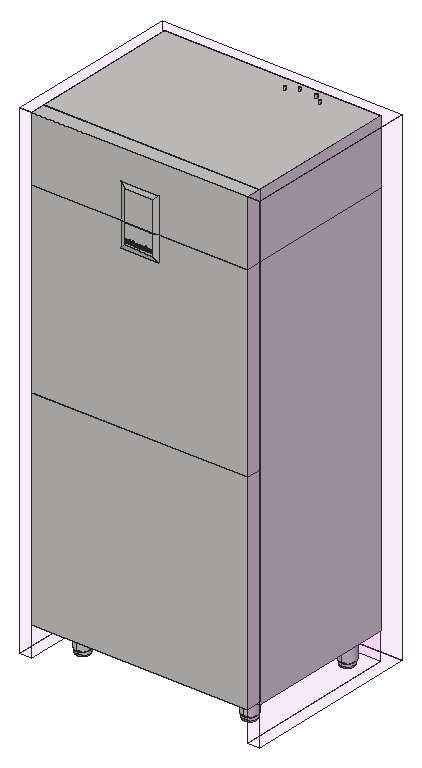
Revit family "QF_ELECTROLUXPROFESSIONAL_691375_PS06RF2FR", category Specialty Equipment, Revit 2018
Family settings
  Round Connector Dimension = Use Diameter
  Part Type = Normal
  Work Plane-Based = No
  Always vertical = Yes
  Cut with Voids When Loaded = No
  Shared = No
  Room Calculation Point = No
Parameters (values of type "Standard")
  Weight = 26.3355 lbm
  Watts = 0 W
  Volts = 220 V
  URL Manufacturer = "http://professional.electrolux.com"
  URL = "http://professional.electrolux.com"
  Steam Supply Size = 0"
  Steam Supply Minimum Pressure = 0.00 psi
  Steam Supply Maximum Pressure = 0.00 psi
  Steam Pounds per Hour = 0
  Show Clearance [instance] = yes
  Refrigeration Suction Line Size = 0.03117"
  Refrigeration Liquid Line Size = 0.01969"
  Refrigerant Compressor Remote = yes
  Phase = 1
  Model = "PS06RF2FR"
  Manufacturer = "Electrolux Professional"
  Length Actual = 900 mm  # constant formula
  Item Number = "691375"
  Hot Water Size = 0"
  Height Actual = 2040 mm  # constant formula
  HP = "0.4 HP"
  Gas Size = 0"
  Gas KW = 0
  Gas Input Pressure = 0.0 Btu/h
  Direct Waste Size = 0"
  Description = "2-DOOR DUAL REFRIGERATOR 720L 0/-22°,PROSTORE-REM"
  Depth Actual = 741 mm  # constant formula
  Cycle = 60 Hz
  Condensate Return Size = 0"
  Compressed Air Volume = 0 GPM
  Compressed Air Size = 0"
  Compressed Air Pressure = 0.00 psi
  Cold Water Size = 0"
  Accessory = yes
Types (2, lengths in mm): name | URL | Phase | Model | Manufacturer | Description
  (no name) | "http://professional.electrolux.com/" | 0 | "RBC201" | "Electrolux" | "BLAST CHILLER 56 KG 20 GN1/1"
  Standard | "http://professional.electrolux.com" | 1 | "PS06RF2FR" | "Electrolux Professional" | "2-DOOR DUAL REFRIGERATOR 720L 0/-22°,PROSTORE-REM"
Values of the unnamed type that differ from the named types
  Volts = 380 V
  URL Manufacturer = "http://professional.electrolux.com/"
  Item Number = "726624"
  Cycle = 50 Hz
Reference planes
  plane 1 "BACK": y = 0
  plane 2: z = 0
  plane 3 "LEFT": x = 0
  plane 4 "RIGHT": x = 900
  plane 5 "FRONT": y = -700
  plane 6 "TOP": z = 2040
  plane 7 "Center Y": x = 450
  plane 8 "Center X": y = -350
  plane 9: x = 102
  plane 10: x = 798
  plane 11: z = 115
  plane 12: z = 86
  plane 13: y = -80
  plane 14: y = -694
  plane 15: y = -1527
  plane 16: y = -630
  plane 17: z = 1770
  plane 18: x = -50
  plane 19: y = 50
  plane 20: x = 950
Forms (mm)
  Extrusion 1, solid, material "QF_Metal - Stainless - Polished"
    sketch origin (0, 0, 0) x (1, 0, 0) y (0, 0, 1)
      loop
        line (0, 2040) -> (0, 1770) -> (900, 1770) -> (900, 2040) -> (0, 2040)
    from 0 to 630
  Extrusion 2, solid, material "QF_Metal - Stainless - Polished"
    sketch origin (0, 0, 0) x (1, 0, 0) y (0, 0, 1)
      loop
        line (0, 1770) -> (0, 115) -> (900, 115) -> (900, 1770) -> (0, 1770)
    from 0 to 630
  Extrusion 3, solid, material "QF_Metal - Stainless - Polished"
    sketch origin (-370, 0, -128) x (1, 0, 0) y (0, 0, 1)
      loop
        circle (450, 1847.083) r 20
    from -7.507 to 0
  Extrusion 4, solid, material "QF_Door-Drawer Clearances", visible <- "Show Clearance", detail levels coarse
    sketch origin (0, 0, 0) x (1, 0, 0) y (0, 1, 0)
      loop
        line (900, -694) -> (0, -694)
        arc (0, -694) -> (275.209, -1299.35) -> (900, -1527) r 859.201
        line (900, -1527) -> (900, -694)
    from 127.536 to 995.399
  Extrusion 5, solid, material "QF_Metal - Stainless - Polished"
    sketch origin (0, 130.478, 0) x (1, 0, 0) y (0, 0, 1)
      loop
        line (0, 2040) -> (0, 1770) -> (900, 1770) -> (900, 2040) -> (0, 2040)
    from 760.478 to 824.478
  Revolve 6, solid, material "QF_Metal - Stainless - Polished"
    sketch origin (798, -2.833, 0) x (0, 1, 0) y (0, 0, -1)
      loop
        line (-590.954, -115) -> (-553.167, -115) -> (-553.167, 0) -> (-578.757, 0)
        arc (-578.757, 0) -> (-580.973, -2.655) -> (-581.767, -6.021) r 7.527
        line (-581.767, -6.021) -> (-581.767, -17.561) -> (-585.28, -21.074) -> (-585.28, -110.008) -> (-590.954, -110.008) -> (-590.954, -115)
      axis (-553.167, 0) -> (-553.167, -115)
    angle from 0 to 360
  Revolve 7, solid, material "QF_Metal - Stainless - Polished"
    sketch origin (102, -2.833, 0) x (0, 1, 0) y (0, 0, 1)
      loop
        line (-590.954, 115) -> (-590.954, 110.008) -> (-585.28, 110.008) -> (-585.28, 21.074) -> (-581.767, 17.561) -> (-581.767, 6.021)
        arc (-581.767, 6.021) -> (-580.973, 2.655) -> (-578.757, 0) r 7.527
        line (-578.757, 0) -> (-553.167, 0) -> (-553.167, 115) -> (-590.954, 115)
      axis (-553.167, 0) -> (-553.167, 115)
    angle from 0 to 360
  Revolve 8, solid, material "QF_Metal - Stainless - Polished"
    sketch origin (824, -759.167, 0) x (0, -1, 0) y (0, 0, 1)
      loop
        line (-716.954, 115) -> (-716.954, 110.008) -> (-711.28, 110.008) -> (-711.28, 21.074) -> (-707.767, 17.561) -> (-707.767, 6.021)
        arc (-707.767, 6.021) -> (-706.973, 2.655) -> (-704.757, 0) r 7.527
        line (-704.757, 0) -> (-679.167, 0) -> (-679.167, 115) -> (-716.954, 115)
      axis (-679.167, 0) -> (-679.167, 115)
    angle from 0 to 360
  Revolve 9, solid, material "QF_Metal - Stainless - Polished"
    sketch origin (76, -759.167, 0) x (0, -1, 0) y (0, 0, 1)
      loop
        line (-716.954, 115) -> (-716.954, 110.008) -> (-711.28, 110.008) -> (-711.28, 21.074) -> (-707.767, 17.561) -> (-707.767, 6.021)
        arc (-707.767, 6.021) -> (-706.973, 2.655) -> (-704.757, 0) r 7.527
        line (-704.757, 0) -> (-679.167, 0) -> (-679.167, 115) -> (-716.954, 115)
      axis (-679.167, 0) -> (-679.167, 115)
    angle from 0 to 360
  Blend 10, solid, material "QF_Metal - Stainless - Polished"
    base sketch origin (0, -694, 0) x (1, 0, 0) y (0, 0, 1)
      loop
        line (370, 1914.822) -> (370, 1664.822) -> (530, 1664.822) -> (530, 1914.822) -> (370, 1914.822)
    top sketch origin (0, -694, 0) x (1, 0, 0) y (0, 0, 1)
      loop
        line (510, 1894.822) -> (390, 1894.822) -> (390, 1684.822) -> (510, 1684.822) -> (510, 1894.822)
    from 0 to 6
  Extrusion 11, void
    sketch origin (0, -700, 0) x (-1, 0, 0) y (0, 0, 1)
      loop
        line (-370, 1770.997) -> (-530, 1770.997) -> (-530, 1769.003) -> (-370, 1769.003) -> (-370, 1770.997)
    from 0 to 6
  Extrusion 12, solid, material "QF_Door-Drawer Clearances"
    sketch origin (0, 0, 0) x (1, 0, 0) y (0, 1, 0)
      loop
        line (0, -694) -> (0, 0) -> (900, 0) -> (900, -694) -> (950, -694) -> (950, 50) -> (-50, 50) -> (-50, -694) -> (0, -694)
    from 0 to 2040
  Extrusion 13, solid, material "QF_Metal - Stainless - Polished"
    sketch origin (0, 140, 0) x (1, 0, 0) y (0, 0, 1)
      loop
        line (0, 1770) -> (0, 995.399) -> (900, 995.399) -> (900, 1770) -> (0, 1770)
    from 834 to 770
  Extrusion 14, solid, material "QF_Metal - Stainless - Polished"
    sketch origin (0, 140, 0) x (1, 0, 0) y (0, 0, 1)
      loop
        line (0, 995.399) -> (0, 127.536) -> (900, 127.536) -> (900, 995.399) -> (0, 995.399)
    from 834 to 770
  Extrusion 15, solid, material "QF_Door-Drawer Clearances", visible <- "Show Clearance", detail levels coarse
    sketch origin (0, 0, 0) x (1, 0, 0) y (0, 1, 0)
      loop
        line (900, -694) -> (0, -694)
        arc (0, -694) -> (275.209, -1299.35) -> (900, -1527) r 859.201
        line (900, -1527) -> (900, -694)
    from 995.399 to 1770
  Extrusion 16, solid, material "QF_Metal - Stainless - Polished"
    sketch origin (267.872, 29.847, 2040) x (1, 0, 0) y (0, 1, 0)
      loop
        circle (425.128, -89.847) r 4
    from 0 to 10
  Extrusion 17, solid, material "QF_Metal - Stainless - Polished"
    sketch origin (233.872, 53.847, 2040) x (1, 0, 0) y (0, 1, 0)
      loop
        circle (425.128, -89.847) r 4
    from 0 to 10
  Extrusion 18, solid, material "QF_Metal - Stainless - Polished"
    sketch origin (163.872, 53.847, 2040) x (1, 0, 0) y (0, 1, 0)
      loop
        circle (425.128, -89.847) r 4
    from 0 to 10
  Extrusion 19, solid, material "QF_Metal - Stainless - Polished"
    sketch origin (120.872, 29.847, 2040) x (1, 0, 0) y (0, 1, 0)
      loop
        circle (425.128, -89.847) r 4
    from 0 to 10
Cuts and joins
  Extrusion 11 cuts Extrusion 1
  Extrusion 11 cuts Extrusion 2
  Extrusion 11 cuts Extrusion 5
  Extrusion 11 cuts Blend 10
Lines and regions (mm)
  Split face 1
    outline origin (0, -700, 0) x (1, 0, 0) y (0, 0, 1)
      loop
        line (415, 1894.822) -> (415, 1742.499) -> (485, 1742.499) -> (485, 1894.822)
  symbolic lines
    curve 1: line (0, 0, 0) -> (900, 0, 0)
    curve 2: line (0, -694, 0) -> (0, 0, 0)
    curve 3: line (900, -694, 0) -> (0, -694, 0)
    curve 4: line (900, 0, 0) -> (900, -694, 0)
    curve 5: line (0, -630, 0) -> (900, -630, 0)
    curve 6: line (370, -694, 0) -> (390, -700, 0)
    curve 7: line (390, -700, 0) -> (510, -700, 0)
    curve 8: line (510, -700, 0) -> (530, -694, 0)
  symbolic lines, style "QF_Door-Drawer Clearances"
    curve 9: arc (0, -694, 0) -> (275.209, -1299.35, 0) -> (900, -1527, 0) r 859.201
    curve 10: line (900, -1527, 0) -> (900, -694, 0)
    curve 11: line (0, -694, 0) -> (-50, -694, 0)
    curve 12: line (-50, -694, 0) -> (-50, 50, 0)
    curve 13: line (-50, 50, 0) -> (950, 50, 0)
    curve 14: line (950, 50, 0) -> (950, -694, 0)
    curve 15: line (950, -694, 0) -> (900, -694, 0)
Dimensions and locks
  equal spacing: plane 3 "LEFT", plane 7 "Center Y", plane 4 "RIGHT"
  plane 3 "LEFT" to plane 4 "RIGHT" = 900 mm
  equal spacing: plane 5 "FRONT", plane 8 "Center X", plane 1 "BACK"
  plane 5 "FRONT" to plane 1 "BACK" = 700 mm
  plane 6 "TOP" to level = 2040 mm
  plane 9 to plane 3 "LEFT" = 102 mm
  plane 10 to plane 4 "RIGHT" = 102 mm
  plane 10 to plane 9 = 696 mm
  plane 11 to level = 115 mm
  plane 12 to plane 11 = 29 mm
  plane 1 "BACK" to plane 13 = 80 mm
  plane 15 to plane 1 "BACK" = 1527 mm
  plane 3 "LEFT" to Extrusion 4 = 900 mm
  plane 11 to plane 2 = 115 mm
  plane 1 "BACK" to plane 16 = 630 mm
  plane 18 to plane 3 "LEFT" = 50 mm
  plane 4 "RIGHT" to plane 20 = 50 mm
  plane 1 "BACK" to plane 19 = 50 mm
  aligned and locked: level to plane 2
  aligned and locked: Extrusion 5 to plane 4 "RIGHT"
  aligned and locked: Extrusion 5 to plane 3 "LEFT"
  aligned and locked: plane 5 "FRONT" to Blend 10
Automatic sketch dimensions
  curve 13 to plane 18 = 0 mm
  curve 3 to plane 3 "LEFT" = 0 mm
  plane 14 to curve 6 = 0 mm
  plane 5 "FRONT" to curve 7 = 0 mm
  curve 9 to plane 4 "RIGHT" = 0 mm
  curve 5 to plane 4 "RIGHT" = 0 mm
  curve 14 to plane 20 = 0 mm
  curve 10 to plane 15 = 0 mm
  curve 5 to plane 16 = 0 mm
  plane 1 "BACK" to curve 4 = 0 mm
  curve 13 to plane 19 = 0 mm
  curve 7 to plane 7 "Center Y" = 60 mm
  plane 7 "Center Y" to curve 8 = 60 mm
  curve 9 to plane 14 = 25.214 mm
  curve 6 to curve 6 = 20 mm
  curve 7 to curve 8 = 20 mm
  Extrusion 1 sketch curve to plane 3 "LEFT" = 0 mm
  plane 4 "RIGHT" to Extrusion 1 sketch curve = 0 mm
  Extrusion 1 sketch curve to plane 17 = 0 mm
  Extrusion 1 sketch curve to plane 6 "TOP" = 0 mm
  Extrusion 2 sketch curve to plane 3 "LEFT" = 0 mm
  plane 4 "RIGHT" to Extrusion 2 sketch curve = 0 mm
  Extrusion 2 sketch curve to plane 11 = 0 mm
  Extrusion 2 sketch curve to plane 17 = 0 mm
  Extrusion 3 sketch curve to plane 9 = 22 mm
  Extrusion 3 sketch curve to plane 17 = 50.917 mm
  Extrusion 4 sketch curve to plane 3 "LEFT" = 0 mm
  Extrusion 4 sketch curve to plane 4 "RIGHT" = 0 mm
  Extrusion 4 sketch curve to plane 15 = 0 mm
  plane 14 to Extrusion 4 sketch curve = 0 mm
  Extrusion 4 sketch curve to plane 14 = 25.214 mm
  Extrusion 5 sketch curve to plane 3 "LEFT" = 0 mm
  plane 4 "RIGHT" to Extrusion 5 sketch curve = 0 mm
  Extrusion 5 sketch curve to plane 17 = 0 mm
  Extrusion 5 sketch curve to plane 6 "TOP" = 0 mm
  plane 11 to Revolve 6 sketch curve = 0 mm
  Revolve 6 sketch curve to level = 0 mm
  plane 16 to Revolve 6 sketch curve = 36.213 mm
  Revolve 6 sketch curve to Revolve 6 sketch curve = 5.674 mm
  Revolve 6 sketch curve to Revolve 6 sketch curve = 3.513 mm  (x2)
  Revolve 6 sketch curve to Revolve 6 sketch curve = 3.01 mm
  level to Revolve 6 sketch curve = 6.021 mm
  Revolve 6 sketch curve to Revolve 6 sketch curve = 21.073 mm
  Revolve 6 sketch curve to plane 11 = 4.992 mm  (x2)
  Revolve 6 sketch curve to Revolve 6 sketch curve = 15.053 mm
  Revolve 6 sketch curve to Revolve 6 sketch curve = 0 mm
  Revolve 6 sketch curve to Revolve 6 sketch curve = 20.008 mm
  Revolve 7 sketch curve to plane 11 = 0 mm
  Revolve 7 sketch curve to level = 0 mm
  plane 16 to Revolve 7 sketch curve = 36.213 mm
  Revolve 7 sketch curve to Revolve 7 sketch curve = 5.674 mm
  Revolve 7 sketch curve to Revolve 7 sketch curve = 3.513 mm  (x2)
  Revolve 7 sketch curve to Revolve 7 sketch curve = 3.01 mm
  level to Revolve 7 sketch curve = 6.021 mm
  Revolve 7 sketch curve to Revolve 7 sketch curve = 21.073 mm
  Revolve 7 sketch curve to Revolve 7 sketch curve = 11.54 mm
  Revolve 7 sketch curve to plane 11 = 4.992 mm
  Revolve 7 sketch curve to Revolve 7 sketch curve = 0 mm
  Revolve 7 sketch curve to Revolve 7 sketch curve = 4.992 mm
  plane 11 to Revolve 7 sketch curve = 20.008 mm
  Revolve 8 sketch curve to plane 11 = 0 mm
  Revolve 8 sketch curve to level = 0 mm
  Revolve 8 sketch curve to plane 13 = 0 mm  (x2)
  level to Revolve 8 sketch curve = 6.021 mm
  Revolve 8 sketch curve to plane 13 = 21.073 mm
  Revolve 8 sketch curve to Revolve 8 sketch curve = 4.517 mm
  Revolve 8 sketch curve to Revolve 8 sketch curve = 3.513 mm  (x2)
  Revolve 8 sketch curve to Revolve 8 sketch curve = 5.674 mm
  Revolve 8 sketch curve to Revolve 8 sketch curve = 11.54 mm
  Revolve 8 sketch curve to plane 11 = 4.992 mm
  Revolve 8 sketch curve to Revolve 8 sketch curve = 4.992 mm
  plane 11 to Revolve 8 sketch curve = 20.008 mm
  Revolve 9 sketch curve to plane 11 = 0 mm
  Revolve 9 sketch curve to level = 0 mm
  Revolve 9 sketch curve to plane 13 = 0 mm  (x2)
  Revolve 9 sketch curve to level = 6.021 mm
  plane 13 to Revolve 9 sketch curve = 21.073 mm
  Revolve 9 sketch curve to Revolve 9 sketch curve = 4.517 mm
  Revolve 9 sketch curve to Revolve 9 sketch curve = 3.513 mm  (x2)
  Revolve 9 sketch curve to Revolve 9 sketch curve = 5.674 mm
  Revolve 9 sketch curve to Revolve 9 sketch curve = 11.54 mm
  plane 11 to Revolve 9 sketch curve = 4.992 mm  (x2)
  Revolve 9 sketch curve to Revolve 9 sketch curve = 20.008 mm
  Blend 10 sketch curve to plane 7 "Center Y" = 80 mm
  plane 7 "Center Y" to Blend 10 sketch curve = 80 mm
  Blend 10 sketch curve to plane 17 = 105.178 mm
  Blend 10 sketch curve to plane 6 "TOP" = 125.178 mm
  Blend 10 sketch curve to plane 7 "Center Y" = 60 mm
  plane 7 "Center Y" to Blend 10 sketch curve = 60 mm
  Blend 10 sketch curve to plane 17 = 85.178 mm
  plane 17 to Blend 10 sketch curve = 124.822 mm
  Split face 1 sketch curve to Blend 10 = 0 mm  (x2)
  Split face 1 sketch curve to Blend 10 = 25 mm  (x2)
  Split face 1 sketch curve to Blend 10 = 57.677 mm
  Extrusion 11 sketch curve to Blend 10 = 20 mm  (x2)
  Blend 10 to Extrusion 11 sketch curve = 84.181 mm
  Extrusion 11 sketch curve to Extrusion 11 sketch curve = 1.995 mm
  plane 14 to Extrusion 12 sketch curve = 0 mm  (x2)
  Extrusion 12 sketch curve to plane 18 = 0 mm
  Extrusion 12 sketch curve to plane 3 "LEFT" = 0 mm
  Extrusion 12 sketch curve to plane 4 "RIGHT" = 0 mm
  Extrusion 12 sketch curve to plane 19 = 0 mm
  Extrusion 12 sketch curve to plane 20 = 0 mm
  plane 1 "BACK" to Extrusion 12 sketch curve = 0 mm
  Extrusion 13 sketch curve to plane 3 "LEFT" = 0 mm
  plane 4 "RIGHT" to Extrusion 13 sketch curve = 0 mm
  Extrusion 13 sketch curve to plane 17 = 0 mm
  Extrusion 13 sketch curve to Extrusion 13 sketch curve = 774.601 mm
  Extrusion 14 sketch curve to plane 3 "LEFT" = 0 mm
  plane 4 "RIGHT" to Extrusion 14 sketch curve = 0 mm
  plane 11 to Extrusion 14 sketch curve = 12.536 mm
  Extrusion 14 sketch curve to plane 17 = 774.601 mm
  Extrusion 15 sketch curve to plane 3 "LEFT" = 0 mm
  Extrusion 15 sketch curve to plane 4 "RIGHT" = 0 mm
  Extrusion 15 sketch curve to plane 15 = 0 mm
  plane 14 to Extrusion 15 sketch curve = 0 mm
  Extrusion 15 sketch curve to plane 14 = 25.214 mm
  Extrusion 16 sketch curve to plane 13 = 20 mm
  plane 10 to Extrusion 16 sketch curve = 105 mm
  plane 1 "BACK" to Extrusion 17 sketch curve = 36 mm
  plane 10 to Extrusion 17 sketch curve = 139 mm
  plane 1 "BACK" to Extrusion 18 sketch curve = 36 mm
  plane 7 "Center Y" to Extrusion 18 sketch curve = 139 mm
  Extrusion 19 sketch curve to plane 13 = 20 mm
  plane 7 "Center Y" to Extrusion 19 sketch curve = 96 mm
  radius of Extrusion 3 sketch curve = 20 mm
  radius of Extrusion 16 sketch curve = 4 mm
  radius of Extrusion 17 sketch curve = 4 mm
  radius of Extrusion 18 sketch curve = 4 mm
  radius of Extrusion 19 sketch curve = 4 mm
Nested families
  nested 1: "ELX_Logo_S" at (450.625, -700, 1704.375) x (1, 0, 0) z (0, -1, 0), type "ELX_Logo_S"
Connectors
  electrical at (80, 7.507, 1719.083), driven by "Volts"
    settings: on Extrusion 3, index 2, voltage 220 V, apparent load 0 VA, apparent load phase1 0 VA, apparent load phase2 0 VA, apparent load phase3 0 VA, power factor 1, load classification "Other", number of poles 1, system type 30, power factor state 1, is connector primary yes, connector utility no, sub classification motor no, connector description "Electrical Connection"
  piping at (693, -60, 2050), diameter 9.5
    settings: on Extrusion 16, index 7, connector inside diameter 24", connector length 0 mm, flow factor 0, pipe flow 0 GPM, pressure drop 0.00 psi, fitting loss kfactor 0, connector angle 0.00°, fixture units 0, engagement length 0 mm, angle of deflection 0.00°, flow configuration 0, flow direction 0, fitting loss method 0, system type 22, joint type 0, gender type 0, connector reference index -1, connector utility 0, adjustable connector no, is connector primary yes, connector description "Refrigerant Outlet"
  piping at (659, -36, 2050), diameter 6
    settings: on Extrusion 17, index 8, connector inside diameter 24", connector length 0 mm, flow factor 0, pipe flow 0 GPM, pressure drop 0.00 psi, fitting loss kfactor 0, connector angle 0.00°, fixture units 0, engagement length 0 mm, angle of deflection 0.00°, flow configuration 0, flow direction 0, fitting loss method 0, system type 22, joint type 0, gender type 0, connector reference index -1, connector utility 0, adjustable connector no, is connector primary no, connector description "Refrigerant Inlet"
  piping at (589, -36, 2050), diameter 6
    settings: on Extrusion 18, index 9, connector inside diameter 24", connector length 0 mm, flow factor 0, pipe flow 0 GPM, pressure drop 0.00 psi, fitting loss kfactor 0, connector angle 0.00°, fixture units 0, engagement length 0 mm, angle of deflection 0.00°, flow configuration 0, flow direction 0, fitting loss method 0, system type 22, joint type 0, gender type 0, connector reference index -1, connector utility 0, adjustable connector no, is connector primary no, connector description "Refrigerant Inlet"
  piping at (546, -60, 2050), diameter 9.5
    settings: on Extrusion 19, index 10, connector inside diameter 24", connector length 0 mm, flow factor 0, pipe flow 0 GPM, pressure drop 0.00 psi, fitting loss kfactor 0, connector angle 0.00°, fixture units 0, engagement length 0 mm, angle of deflection 0.00°, flow configuration 0, flow direction 0, fitting loss method 0, system type 22, joint type 0, gender type 0, connector reference index -1, connector utility 0, adjustable connector no, is connector primary no, connector description "Refrigerant Outlet"
Definition of nested family "ELX_Logo_S"
  Parameters (values of type "ELX_Logo_S")
    Default Elevation = 0 mm
  Reference planes
    plane 1 "Centro (Fronte/Retro)": y = 0
    plane 2: z = 0
    plane 3 "Centro (Sinistra/Destra)": x = 0
  Forms (mm)
    Extrusion 1, solid
      sketch origin (0, 0, 0) x (1, 0, 0) y (0, 1, 0)
        loop
          line (-1219.2, 1219.2) -> (-1219.2, -1219.2) -> (1219.2, -1219.2) -> (1219.2, 1219.2) -> (-1219.2, 1219.2)
      from 0 to -304.8
    Extrusion 2, solid
      sketch origin (0, 0, 0) x (1, 0, 0) y (0, 1, 0)
        loop
          line (-43.793, 5.912) -> (-43.793, -6.455)
          arc (-43.793, -6.455) -> (-39.222, -0.272) -> (-43.793, 5.912) r 6.467
        loop
          arc (-44.422, 5.912) -> (-49.565, 4.743) -> (-52.043, 0.087) r 6.338
          line (-52.043, 0.087) -> (-49.997, 0.087)
          arc (-49.997, 0.087) -> (-46.342, 1.57) -> (-44.422, 5.016) r 5.941
          line (-44.422, 5.016) -> (-44.422, 5.912)
        loop
          arc (-44.422, -5.559) -> (-46.342, -2.114) -> (-49.997, -0.63) r 5.941
          line (-49.997, -0.63) -> (-52.043, -0.63)
          arc (-52.043, -0.63) -> (-49.569, -5.324) -> (-44.422, -6.614) r 6.504
          line (-44.422, -6.614) -> (-44.422, -5.559)
        loop
          line (-52.512, 6.586) -> (-52.512, -7.158) -> (-38.749, -7.158) -> (-38.749, 6.586) -> (-52.512, 6.586)
        loop
          arc (-35.782, 6.67) -> (-36.139, 6.322) -> (-35.801, 5.955) r 0.358
          arc (-35.801, 5.955) -> (-35.051, 5.641) -> (-34.666, 4.924) r 1.216
          line (-34.666, 4.924) -> (-34.666, -5.488)
          arc (-34.666, -5.488) -> (-34.944, -6.148) -> (-35.54, -6.544) r 1.238
          arc (-35.54, -6.544) -> (-35.791, -6.939) -> (-35.437, -7.244) r 0.358
          line (-35.437, -7.244) -> (-25.558, -7.244) -> (-25.558, -4.494) -> (-26.455, -4.494)
          arc (-26.455, -4.494) -> (-27.035, -5.403) -> (-28.012, -5.858) r 1.928
          line (-28.012, -5.858) -> (-30.511, -5.858)
          arc (-30.511, -5.858) -> (-31.24, -5.583) -> (-31.604, -4.894) r 1.101
          line (-31.604, -4.894) -> (-31.604, -0.808) -> (-27.931, -0.808)
          arc (-27.931, -0.808) -> (-27.434, -1.16) -> (-27.206, -1.725) r 1.083
          arc (-27.206, -1.725) -> (-26.9, -1.989) -> (-26.622, -1.697) r 0.292
          line (-26.622, -1.697) -> (-26.622, 1.265)
          arc (-26.622, 1.265) -> (-26.895, 1.568) -> (-27.225, 1.329) r 0.305
          arc (-27.225, 1.329) -> (-27.473, 0.839) -> (-27.931, 0.534) r 1.083
          line (-27.931, 0.534) -> (-31.604, 0.534) -> (-31.604, 5.211) -> (-27.857, 5.211)
          arc (-27.857, 5.211) -> (-27.101, 4.997) -> (-26.603, 4.39) r 1.314
          arc (-26.603, 4.39) -> (-26.199, 4.171) -> (-25.907, 4.526) r 0.361
          line (-25.907, 4.526) -> (-25.907, 6.67) -> (-35.782, 6.67)
        loop
          arc (-25.126, 5.953) -> (-24.207, 5.572) -> (-23.827, 4.654) r 1.299
          line (-23.827, 4.654) -> (-23.827, -4.925)
          arc (-23.827, -4.925) -> (-24.205, -5.763) -> (-25.083, -6.035) r 1.118
          line (-25.083, -6.035) -> (-25.083, -7.244) -> (-19.733, -7.244) -> (-19.733, -6.056)
          arc (-19.733, -6.056) -> (-20.65, -5.784) -> (-21.046, -4.914) r 1.153
          line (-21.046, -4.914) -> (-21.046, 7.158) -> (-25.126, 5.953)
        loop
          line (-17.097, -2.28) -> (-10.65, -2.28) -> (-10.65, -1.481)
          arc (-10.65, -1.481) -> (-11.634, 1.1) -> (-14.088, 2.369) r 3.874
          line (-14.088, 2.369) -> (-15.848, 2.369)
          arc (-15.848, 2.369) -> (-18.713, 1.182) -> (-19.899, -1.682) r 4.051
          line (-19.899, -1.682) -> (-19.899, -3.691)
          arc (-19.899, -3.691) -> (-18.414, -6.509) -> (-15.407, -7.561) r 4.352
          arc (-15.407, -7.561) -> (-12.944, -7.196) -> (-10.87, -5.819) r 5.713
          line (-10.87, -5.819) -> (-10.87, -4.87)
          arc (-10.87, -4.87) -> (-12.439, -5.603) -> (-14.157, -5.819) r 5.579
          arc (-14.157, -5.819) -> (-16.12, -5.025) -> (-17.097, -3.146) r 3.057
          line (-17.097, -3.146) -> (-17.097, -2.28)
        loop
          line (-17.097, -1.02) -> (-13.515, -1.02)
          arc (-13.515, -1.02) -> (-13.468, 0.436) -> (-14.627, 1.319) r 1.59
          line (-14.627, 1.319) -> (-15.457, 1.319)
          arc (-15.457, 1.319) -> (-16.712, 0.455) -> (-17.097, -1.02) r 2.184
        loop
          arc (-1.232, 1.771) -> (-2.906, 2.259) -> (-4.643, 2.417) r 9.023
          line (-4.643, 2.417) -> (-6.005, 2.417)
          arc (-6.005, 2.417) -> (-8.805, 1.257) -> (-9.965, -1.542) r 3.959
          line (-9.965, -1.542) -> (-9.965, -4.142)
          arc (-9.965, -4.142) -> (-8.672, -6.424) -> (-6.299, -7.541) r 4.331
          line (-6.299, -7.541) -> (-4.164, -7.541)
          arc (-4.164, -7.541) -> (-2.614, -7.033) -> (-1.268, -6.112) r 5.772
          arc (-1.268, -6.112) -> (-1.217, -5.35) -> (-1.976, -5.263) r 0.553
          arc (-1.976, -5.263) -> (-2.71, -5.651) -> (-3.529, -5.785) r 2.573
          line (-3.529, -5.785) -> (-5.044, -5.785)
          arc (-5.044, -5.785) -> (-6.686, -4.779) -> (-7.328, -2.965) r 2.884
          line (-7.328, -2.965) -> (-7.328, -1.686)
          arc (-7.328, -1.686) -> (-6.768, 0.135) -> (-5.103, 1.062) r 2.554
          line (-5.103, 1.062) -> (-4.05, 1.062)
          arc (-4.05, 1.062) -> (-3.122, 0.73) -> (-2.387, 0.073) r 2.564
          arc (-2.387, 0.073) -> (-1.67, -0.148) -> (-1.232, 0.461) r 0.643
          line (-1.232, 0.461) -> (-1.232, 1.771)
        loop
          line (-0.962, 0.752) -> (0.539, 0.752) -> (0.539, -5.296)
          arc (0.539, -5.296) -> (1.197, -6.884) -> (2.785, -7.541) r 2.246
          line (2.785, -7.541) -> (4.369, -7.541)
          arc (4.369, -7.541) -> (5.233, -7.228) -> (6.005, -6.727) r 4.06
          arc (6.005, -6.727) -> (6.138, -5.995) -> (5.437, -5.743) r 0.576
          arc (5.437, -5.743) -> (4.911, -5.849) -> (4.379, -5.785) r 1.69
          arc (4.379, -5.785) -> (3.591, -5.244) -> (3.288, -4.337) r 1.506
          line (3.288, -4.337) -> (3.288, 0.801) -> (5.685, 0.801) -> (6.241, 1.357) -> (6.241, 2.179) -> (3.382, 2.179) -> (3.382, 5.41) -> (-0.962, 0.752)
        loop
          line (7.139, -7.324) -> (12.526, -7.324) -> (12.526, -6.214)
          arc (12.526, -6.214) -> (11.575, -5.82) -> (11.181, -4.869) r 1.345
          line (11.181, -4.869) -> (11.181, -1.253)
          arc (11.181, -1.253) -> (11.773, -0.488) -> (12.695, -0.199) r 1.615
          line (12.695, -0.199) -> (14.251, -0.199) -> (14.936, 2.357) -> (13.553, 2.357) -> (10.994, 0.414) -> (10.994, 2.295) -> (8.288, 2.01)
          arc (8.288, 2.01) -> (7.758, 1.571) -> (7.959, 0.912) r 0.621
          arc (7.959, 0.912) -> (8.301, 0.512) -> (8.484, 0.018) r 1.501
          line (8.484, 0.018) -> (8.484, -4.869)
          arc (8.484, -4.869) -> (8.09, -5.82) -> (7.139, -6.214) r 1.345
          line (7.139, -6.214) -> (7.139, -7.324)
        loop
          line (14.473, -1.222) -> (14.473, -3.914)
          arc (14.473, -3.914) -> (15.781, -6.36) -> (18.311, -7.494) r 4.288
          arc (18.311, -7.494) -> (19.692, -7.557) -> (21.072, -7.494) r 15.022
          arc (21.072, -7.494) -> (23.603, -6.36) -> (24.91, -3.914) r 4.288
          line (24.91, -3.914) -> (24.91, -1.222)
          arc (24.91, -1.222) -> (23.603, 1.223) -> (21.072, 2.357) r 4.288
          arc (21.072, 2.357) -> (19.692, 2.421) -> (18.311, 2.357) r 15.022
          arc (18.311, 2.357) -> (15.781, 1.223) -> (14.473, -1.222) r 4.288
        loop
          line (17.587, -1.017) -> (17.587, -4.119)
          arc (17.587, -4.119) -> (19.744, -6.276) -> (21.901, -4.119) r 2.157
          line (21.901, -4.119) -> (21.901, -1.017)
          arc (21.901, -1.017) -> (19.744, 1.14) -> (17.587, -1.017) r 2.157
        loop
          arc (24.768, 5.964) -> (25.662, 5.593) -> (26.033, 4.699) r 1.264
          line (26.033, 4.699) -> (26.033, -5.165)
          arc (26.033, -5.165) -> (25.636, -6.035) -> (24.72, -6.307) r 1.153
          line (24.72, -6.307) -> (24.72, -7.244) -> (29.828, -7.244) -> (29.828, -6.316)
          arc (29.828, -6.316) -> (29.056, -5.957) -> (28.741, -5.165) r 1.153
          line (28.741, -5.165) -> (28.741, 7.158) -> (24.768, 5.964)
        loop
          arc (29.365, 1.084) -> (30.43, 0.885) -> (30.912, -0.085) r 1.215
          line (30.912, -0.085) -> (30.912, -5.105)
          arc (30.912, -5.105) -> (31.559, -6.719) -> (33.142, -7.44) r 2.338
          line (33.142, -7.44) -> (34.657, -7.44)
          arc (34.657, -7.44) -> (35.661, -7.266) -> (36.547, -6.763) r 2.979
          line (36.547, -6.763) -> (38.344, -7.244) -> (40.032, -7.244) -> (40.032, 2.181) -> (35.829, 1.887) -> (35.829, 1.101)
          arc (35.829, 1.101) -> (36.665, 0.745) -> (37.174, -0.007) r 1.605
          line (37.174, -0.007) -> (37.174, -5.11)
          arc (37.174, -5.11) -> (36.237, -5.531) -> (35.213, -5.603) r 2.94
          arc (35.213, -5.603) -> (34.112, -5.042) -> (33.669, -3.889) r 1.724
          line (33.669, -3.889) -> (33.669, 2.307) -> (29.365, 1.084)
        loop
          line (40.886, 2.112) -> (42.932, 0.44) -> (45.238, -2.734) -> (42.126, -6.191)
          arc (42.126, -6.191) -> (41.732, -6.428) -> (41.273, -6.405) r 0.789
          line (41.273, -6.405) -> (41.273, -7.244) -> (44.818, -7.244) -> (44.818, -6.418)
          arc (44.818, -6.418) -> (44.456, -6.076) -> (44.548, -5.586) r 0.52
          line (44.548, -5.586) -> (46.019, -3.786) -> (47.394, -5.904)
          arc (47.394, -5.904) -> (47.084, -6.305) -> (46.585, -6.392) r 0.7
          line (46.585, -6.392) -> (46.585, -7.244) -> (52.512, -7.244) -> (52.512, -6.358)
          arc (52.512, -6.358) -> (51.853, -6.291) -> (51.322, -5.896) r 1.247
          line (51.322, -5.896) -> (48.041, -1.696) -> (50.094, 0.751) -> (51.836, 2.112) -> (48.112, 2.112) -> (48.535, 0.627) -> (47.258, -0.895) -> (46.068, 0.806) -> (46.844, 2.112) -> (40.886, 2.112)
      from 0 to 1.644
  Dimensions and locks
    aligned and locked: plane 2 to Extrusion 1
    aligned and locked: level to Extrusion 1
